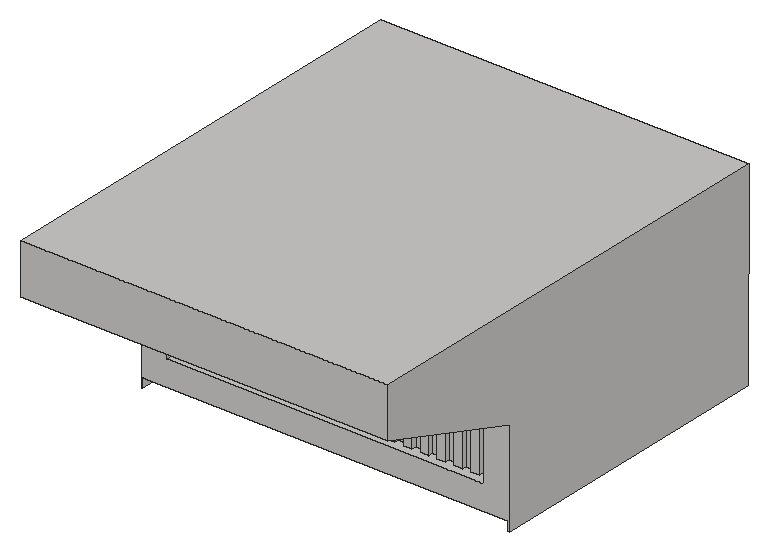
Revit family "QF_ZANUSSI_922722_HOODFAST61011", category Specialty Equipment, Revit 2021
Family settings
  Round Connector Dimension = Use Diameter
  Part Type = Normal
  Work Plane-Based = No
  Always vertical = Yes
  Cut with Voids When Loaded = No
  Shared = No
  Room Calculation Point = No
Parameters
  Weight = 97.00 kg
  Watts = 0 W
  Volts = 220 V
  URL Manufacturer = "http://www.zanussiprofessional.com"
  URL = "http://www.zanussiprofessional.com"
  Steam Supply Size = 0 mm
  Steam Supply Minimum Pressure = 0.0 Pa
  Steam Supply Maximum Pressure = 0.0 Pa
  Steam Pounds per Hour = 0
  Show Logo [instance] = yes
  Show Clearance [instance] = yes
  Refrigeration Suction Line Size = 0 mm
  Refrigeration Liquid Line Size = 0 mm
  Refrigerant Compressor Remote = yes
  Manufacturer = "Zanussi"
  Phase = 1
  Model = "HOOS11E"
  Length Actual = 875 mm
  Item Number = "922722"
  Hot Water Size = 0 mm
  Height Actual = 472 mm
  HP = "1.1 HP"
  Gas Size = 0 mm
  Gas KW = 0
  Gas Input Pressure = 0 W
  Direct Waste Size = 0 mm
  Description = "ODOUR REDUCTION HOOD WITH FAN FOR STACKING 6+6&10 GN 1/1 ELECTRIC OVENS"
  Depth Actual = 1070 mm
  Default Elevation = 0 mm
  Cycle = 50 Hz
  Condensate Return Size = 0 mm
  Compressed Air Volume = 0.0 L/s
  Compressed Air Size = 0 mm
  Compressed Air Pressure = 0.0 Pa
  Cold Water Size = 0 mm
  Accessory = no
Reference planes
  plane 1 "Center X": y = 92.351
  plane 2: z = 0
  plane 3 "Center Y": x = -326.5
  plane 4 "LEFT": x = -760
  plane 5 "BACK": y = 479.851
  plane 6 "RIGHT": x = 107
  plane 7 "FRONT": y = -295.149
  plane 8 "TOP": z = 1728
  plane 9: y = -590.149
  plane 10: x = -764
  plane 11: x = 111
  plane 12: z = 2178
Forms (mm)
  Extrusion 1, solid, material "QF_Clearance", visible <- "Show Clearance", detail levels coarse
    sketch origin (0, 0, 0) x (1, 0, 0) y (0, 1, 0)
      loop
        line (-764, 479.851) -> (111, 479.851) -> (111, 629.851) -> (-764, 629.851) -> (-764, 479.851)
    from 1707 to 2178
  Extrusion 2, solid, material "QF_Clearance", visible <- "Show Clearance", detail levels coarse
    sketch origin (-1150.39, -1524, 2178) x (-1, 0, 0) y (0, -1, 0)
      loop
        line (-386.39, -933.851) -> (-1261.39, -933.851) -> (-1261.39, -2153.851) -> (-386.39, -2153.851) -> (-386.39, -933.851)
    from 450 to 0
  Extrusion 3, solid, material "QF_Finishes_Stainless Steel"
    sketch origin (-764, 902.856, 4000) x (0, 1, 0) y (0, 0, 1)
      loop
        line (-423.005, -2272) -> (-423.005, -1822) -> (-1493.005, -1822) -> (-1493.005, -1942.064) -> (-1133.005, -2066.021) -> (-1133.005, -2272) -> (-423.005, -2272)
    from 60 to 0
  Extrusion 4, solid, material "QF_Finishes_Stainless Steel"
    sketch origin (111, 902.856, 4000) x (0, 1, 0) y (0, 0, 1)
      loop
        line (-423.005, -2272) -> (-423.005, -1822) -> (-1493.005, -1822) -> (-1493.005, -1942.064) -> (-1133.005, -2066.021) -> (-1133.005, -2272) -> (-423.005, -2272)
    from -60 to 0
  Extrusion 5, solid, material "QF_Finishes_Stainless Steel"
    sketch origin (-326.5, 0, 0) x (0, 1, 0) y (0, 0, 1)
      loop
        line (479.851, 1728) -> (479.851, 2178) -> (-590.149, 2178) -> (-590.149, 2057.936) -> (-210.149, 2057.936) -> (-210.149, 1788) -> (-230.149, 1788) -> (-230.149, 1728) -> (479.851, 1728)
    from -377.5 to 377.5
  Extrusion 6, solid, material "QF_Finishes_Stainless Steel"
    sketch origin (0, -295.149, 0) x (-1, 0, 0) y (0, 0, 1)
      loop
        line (764, 1728) -> (760, 1728) -> (760, 1707) -> (764, 1707) -> (764, 1728)
      loop
        line (-107, 1728) -> (-111, 1728) -> (-111, 1707) -> (-107, 1707) -> (-107, 1728)
    from 65 to 775
  Extrusion 7, solid, material "QF_Finishes_Stainless Steel"
    sketch origin (0, 479.851, 0) x (-1, 0, 0) y (0, 0, 1)
      loop
        circle (-86, 2113) r 8
      loop
        circle (326.5, 1746) r 7
    from 0 to 20
  Extrusion 8, solid, material "QF_Finishes_Stainless Steel"
    sketch origin (-764, 902.856, 4000) x (0, 1, 0) y (0, 0, 1)
      loop
        line (-302.005, -2270.064) -> (-302.005, -2125.063) -> (-423.005, -2004.063) -> (-423.005, -2270.064) -> (-302.005, -2270.064)
    from 365 to 50
  Extrusion 9, void
    sketch origin (0, 0, 0) x (1, 0, 0) y (0, 1, 0)
      loop
        line (-696.5, -200.149) -> (-696.5, -210.149) -> (-676.5, -210.149) -> (-676.5, -200.149) -> (-696.5, -200.149)
      loop
        line (-656.5, -200.149) -> (-656.5, -210.149) -> (-636.5, -210.149) -> (-636.5, -200.149) -> (-656.5, -200.149)
      loop
        line (-616.5, -200.149) -> (-616.5, -210.149) -> (-596.5, -210.149) -> (-596.5, -200.149) -> (-616.5, -200.149)
      loop
        line (-576.5, -200.149) -> (-576.5, -210.149) -> (-556.5, -210.149) -> (-556.5, -200.149) -> (-576.5, -200.149)
      loop
        line (-536.5, -200.149) -> (-536.5, -210.149) -> (-516.5, -210.149) -> (-516.5, -200.149) -> (-536.5, -200.149)
      loop
        line (-496.5, -200.149) -> (-496.5, -210.149) -> (-476.5, -210.149) -> (-476.5, -200.149) -> (-496.5, -200.149)
      loop
        line (-456.5, -200.149) -> (-456.5, -210.149) -> (-436.5, -210.149) -> (-436.5, -200.149) -> (-456.5, -200.149)
      loop
        line (-416.5, -200.149) -> (-416.5, -210.149) -> (-396.5, -210.149) -> (-396.5, -200.149) -> (-416.5, -200.149)
      loop
        line (-376.5, -200.149) -> (-376.5, -210.149) -> (-356.5, -210.149) -> (-356.5, -200.149) -> (-376.5, -200.149)
      loop
        line (-336.5, -200.149) -> (-336.5, -210.149) -> (-316.5, -210.149) -> (-316.5, -200.149) -> (-336.5, -200.149)
      loop
        line (-296.5, -200.149) -> (-296.5, -210.149) -> (-276.5, -210.149) -> (-276.5, -200.149) -> (-296.5, -200.149)
      loop
        line (-256.5, -200.149) -> (-256.5, -210.149) -> (-236.5, -210.149) -> (-236.5, -200.149) -> (-256.5, -200.149)
      loop
        line (-216.5, -200.149) -> (-216.5, -210.149) -> (-196.5, -210.149) -> (-196.5, -200.149) -> (-216.5, -200.149)
      loop
        line (-176.5, -200.149) -> (-176.5, -210.149) -> (-156.5, -210.149) -> (-156.5, -200.149) -> (-176.5, -200.149)
      loop
        line (-136.5, -200.149) -> (-136.5, -210.149) -> (-116.5, -210.149) -> (-116.5, -200.149) -> (-136.5, -200.149)
      loop
        line (-96.5, -200.149) -> (-96.5, -210.149) -> (-76.5, -210.149) -> (-76.5, -200.149) -> (-96.5, -200.149)
      loop
        line (-56.5, -200.149) -> (-56.5, -210.149) -> (-36.5, -210.149) -> (-36.5, -200.149) -> (-56.5, -200.149)
      loop
        line (-16.5, -200.149) -> (-16.5, -210.149) -> (3.5, -210.149) -> (3.5, -200.149) -> (-16.5, -200.149)
      loop
        line (23.5, -200.149) -> (23.5, -210.149) -> (43.5, -210.149) -> (43.5, -200.149) -> (23.5, -200.149)
    from 1788 to 2057.936
Cuts and joins
  joined: Extrusion 1, Extrusion 2
  Extrusion 9 cuts Extrusion 3
  Extrusion 9 cuts Extrusion 4
  Extrusion 9 cuts Extrusion 5
  Extrusion 9 cuts Extrusion 6
  Extrusion 9 cuts Extrusion 7
  Extrusion 9 cuts Extrusion 8
  joined: Extrusion 3, Extrusion 4, Extrusion 5, Extrusion 6, Extrusion 7, Extrusion 8
Lines and regions (mm)
  symbolic lines, style "QF_Clearances", visible <- "Show Clearance"
    curve 1: line (111, 629.851, 0) -> (-764, 629.851, 0)
  symbolic lines, style "Linee tratto punto"
    curve 2: line (-764, 479.851, 0) -> (111, 479.851, 0)
    curve 3: line (-764, -590.149, 0) -> (-764, 479.851, 0)
    curve 4: line (111, -590.149, 0) -> (-764, -590.149, 0)
    curve 5: line (111, 479.851, 0) -> (111, -590.149, 0)
    curve 6: line (-714, 600.851, 0) -> (-714, 479.851, 0)
    curve 7: line (-399, 600.851, 0) -> (-714, 600.851, 0)
    curve 8: line (-399, 479.851, 0) -> (-399, 600.851, 0)
    curve 19: line (-764, -590.149, 0) -> (111, 479.851, 0)
    curve 20: line (-764, 479.851, 0) -> (111, -590.149, 0)
  symbolic lines
    curve 9: line (-333.5, 499.851, 0) -> (-319.5, 499.851, 0)
    curve 10: line (-319.5, 499.851, 0) -> (-319.5, 479.851, 0)
    curve 11: line (-333.5, 499.851, 0) -> (-333.5, 479.851, 0)
    curve 12: line (94, 499.851, 0) -> (94, 479.851, 0)
    curve 13: line (94, 499.851, 0) -> (78, 499.851, 0)
    curve 14: line (78, 499.851, 0) -> (78, 479.851, 0)
  symbolic lines, style "SpecialityEquipmentHiddenLines"
    curve 15: line (-334, 338.851, 0) -> (-34, 338.851, 0)
    curve 16: line (-334, 38.851, 0) -> (-334, 338.851, 0)
    curve 17: line (-34, 38.851, 0) -> (-334, 38.851, 0)
    curve 18: line (-34, 338.851, 0) -> (-34, 38.851, 0)
Dimensions and locks
  equal spacing: plane 4 "LEFT", plane 3 "Center Y", plane 6 "RIGHT"
  plane 10 to plane 11 = 875 mm
  plane 5 "BACK" to plane 9 = 1070 mm
  equal spacing: plane 5 "BACK", plane 1 "Center X", plane 7 "FRONT"
  locked: plane 10 to plane 4 "LEFT" at 4
  locked: plane 6 "RIGHT" to plane 11 at 4
  cut or joined group of Extrusion 3, Extrusion 4, Extrusion 5, Extrusion 6, Extrusion 7, Extrusion 8, Extrusion 9 to Extrusion 7 sketch curve = 39 mm
  Extrusion 7 sketch curve to plane 12 = 65 mm
  plane 11 to Extrusion 7 sketch curve = 25 mm
  aligned and locked: level to plane 2
Automatic sketch dimensions
  Extrusion 1 sketch curve to plane 10 = 0 mm
  Extrusion 1 sketch curve to plane 11 = 0 mm
  Extrusion 1 sketch curve to plane 5 "BACK" = 0 mm
  plane 5 "BACK" to Extrusion 1 sketch curve = 150 mm
  Extrusion 2 sketch curve to plane 9 = 0 mm
  Extrusion 2 sketch curve to plane 11 = 0 mm
  Extrusion 2 sketch curve to plane 10 = 0 mm
  plane 5 "BACK" to Extrusion 2 sketch curve = 150 mm
  Extrusion 5 sketch curve to plane 9 = 0 mm
  Extrusion 5 sketch curve to plane 8 "TOP" = 0 mm
  Extrusion 5 sketch curve to plane 5 "BACK" = 0 mm
  Extrusion 5 sketch curve to plane 12 = 0 mm
  plane 7 "FRONT" to Extrusion 5 sketch curve = 65 mm
  plane 7 "FRONT" to Extrusion 5 sketch curve = 85 mm
  plane 8 "TOP" to Extrusion 5 sketch curve = 60 mm
  Extrusion 5 sketch curve to plane 12 = 120.064 mm
  Extrusion 6 sketch curve to plane 8 "TOP" = 0 mm  (x2)
  Extrusion 6 sketch curve to plane 11 = 0 mm
  Extrusion 6 sketch curve to plane 6 "RIGHT" = 0 mm
  Extrusion 6 sketch curve to plane 4 "LEFT" = 0 mm
  Extrusion 6 sketch curve to plane 10 = 0 mm
  Extrusion 6 sketch curve to plane 8 "TOP" = 21 mm
  Extrusion 6 sketch curve to Extrusion 6 sketch curve = 21 mm
  Extrusion 7 sketch curve to plane 3 "Center Y" = 0 mm
  Extrusion 8 sketch curve to plane 5 "BACK" = 0 mm
  plane 8 "TOP" to Extrusion 8 sketch curve = 1.937 mm
  plane 5 "BACK" to Extrusion 8 sketch curve = 121 mm
  Extrusion 8 sketch curve to Extrusion 8 sketch curve = 145 mm
  Extrusion 8 sketch curve to Extrusion 8 sketch curve = 121 mm
  curve 1 to plane 10 = 0 mm
  curve 4 to plane 10 = 0 mm
  curve 1 to plane 11 = 0 mm
  curve 19 to plane 5 "BACK" = 0 mm
  curve 19 to plane 11 = 0 mm
  curve 5 to plane 9 = 0 mm
  plane 4 "LEFT" to curve 6 = 46 mm
  curve 8 to plane 3 "Center Y" = 72.5 mm
  curve 11 to plane 3 "Center Y" = 7 mm
  plane 3 "Center Y" to curve 9 = 7 mm
  curve 15 to plane 3 "Center Y" = 7.5 mm
  curve 18 to plane 6 "RIGHT" = 141 mm
  curve 14 to plane 6 "RIGHT" = 29 mm
  curve 12 to plane 6 "RIGHT" = 13 mm
  plane 1 "Center X" to curve 17 = 53.5 mm
  curve 15 to plane 5 "BACK" = 141 mm
  curve 12 to curve 13 = 20 mm
  plane 5 "BACK" to curve 11 = 20 mm
  plane 5 "BACK" to curve 7 = 121 mm
  curve 12 to curve 1 = 130 mm
  Extrusion 4 sketch curve to plane 9 = 0 mm
  Extrusion 4 sketch curve to plane 8 "TOP" = 0 mm
  Extrusion 4 sketch curve to plane 5 "BACK" = 0 mm
  Extrusion 4 sketch curve to plane 12 = 0 mm
  plane 7 "FRONT" to Extrusion 4 sketch curve = 65 mm
  plane 8 "TOP" to Extrusion 4 sketch curve = 205.979 mm
  Extrusion 4 sketch curve to Extrusion 4 sketch curve = 120.064 mm
  Extrusion 3 sketch curve to plane 9 = 0 mm
  Extrusion 3 sketch curve to plane 8 "TOP" = 0 mm
  Extrusion 3 sketch curve to plane 5 "BACK" = 0 mm
  Extrusion 3 sketch curve to plane 12 = 0 mm
  plane 7 "FRONT" to Extrusion 3 sketch curve = 65 mm
  plane 8 "TOP" to Extrusion 3 sketch curve = 205.979 mm
  Extrusion 3 sketch curve to Extrusion 3 sketch curve = 120.064 mm
  plane 4 "LEFT" to Extrusion 9 sketch curve = 63.5 mm
  Extrusion 9 sketch curve to Extrusion 9 sketch curve = 20 mm  (x35)
  Extrusion 9 sketch curve to plane 3 "Center Y" = 30 mm
  Extrusion 9 sketch curve to plane 3 "Center Y" = 10 mm
  plane 7 "FRONT" to Extrusion 9 sketch curve = 85 mm  (x2)
  Extrusion 9 sketch curve to Extrusion 9 sketch curve = 0 mm  (x17)
  Extrusion 9 sketch curve to Extrusion 9 sketch curve = 10 mm  (x19)
  radius of Extrusion 7 sketch curve = 8 mm
  radius of Extrusion 7 sketch curve = 7 mm
Connectors
  electrical at (86, 499.851, 2113)
    settings: on cut or joined group of Extrusion 3, Extrusion 4, Extrusion 5, Extrusion 6, Extrusion 7, Extrusion 8, Extrusion 9, index 1, voltage 0 V, apparent load 0 VA, apparent load phase1 0 VA, apparent load phase2 0 VA, apparent load phase3 0 VA, power factor 1, load classification "Altro", number of poles 1, system type 30, power factor state 1, is connector primary yes, connector utility no, sub classification motor no, connector description "Electrical Connection"
  piping at (-326.5, 499.851, 1746), diameter 14
    settings: on cut or joined group of Extrusion 3, Extrusion 4, Extrusion 5, Extrusion 6, Extrusion 7, Extrusion 8, Extrusion 9, index 2, connector inside diameter 609.6 mm, connector length 0 mm, flow factor 0, pipe flow 0.0 L/s, pressure drop 0.0 Pa, fitting loss kfactor 0, connector angle 0.00°, fixture units 0, engagement length 0 mm, angle of deflection 0.00°, flow configuration 1, flow direction 2, fitting loss method 0, system type 16, joint type 0, gender type 0, connector reference index -1, connector utility 0, adjustable connector no, is connector primary yes, connector description "Drain"
